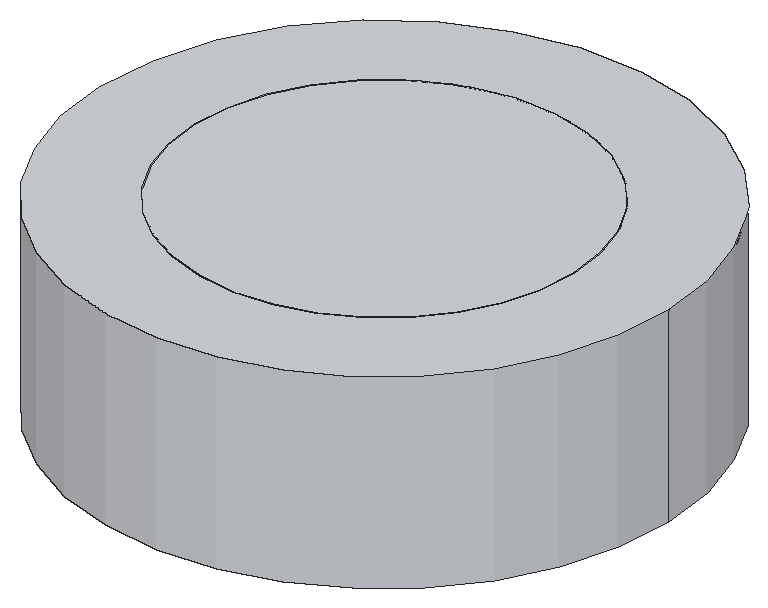
Revit family
Parameters
  Wattage = 5 W
  built-in parameter 1150110 = 1 (stored number, unit not read)
  built-in parameter 1114217 = 1 (stored number, unit not read)
  built-in parameter 1150109 = 1 (stored number, unit not read)
  built-in parameter 1150134 = (empty or 0)
  built-in parameter 1150113 = 1 (stored number, unit not read)
  Mounting Height = 4' - 6"
  Material = none
  Lumens = 742.71 lm
  built-in parameter 1150115 = 1 (stored number, unit not read)
  built-in parameter 1150105 = 59.103 (stored number, unit not read)
  Light Source Symbol Size = 1' - 0"
  built-in parameter 1150137 = (empty or 0)
  built-in parameter 1150139 = (empty or 0)
  built-in parameter 1150112 = 1 (stored number, unit not read)
  built-in parameter 1150114 = 1 (stored number, unit not read)
  built-in parameter 1150132 = (empty or 0)
  built-in parameter 1150102 = (empty or 0)
  built-in parameter 1150138 = (empty or 0)
  built-in parameter 1150107 = 3000 (stored number, unit not read)
  built-in parameter 1150106 = 0.59103 (stored number, unit not read)
  built-in parameter 1150104 = 13.8 (stored number, unit not read)
  Dimming Lamp Color Temperature Shift = (empty or 0)
  Color Filter = 16777215
  built-in parameter 1114218 = 1 (stored number, unit not read)
  built-in parameter 1150133 = 10 (stored number, unit not read)
Reference planes (in)
  plane 1 "Light Source Axis (F/B)": y = 0
  plane 2: z = 0
  plane 3 "Light Source Axis (L/R)": x = 0
  plane 4 "Light Source Elevation": z = 53.5
  plane 5 "Mounting Height": z = 54
Forms (in)
  Extrusion 1, solid, material <- "Material"
    sketch origin (0, 0, 54) x (-1, 0, 0) y (0, -1, 0)
      loop
        circle (0, 0) r 1.5
      loop
        circle (0, 0) r 1
    from 0 to -1
  Extrusion 2, solid, material <- "Material"
    sketch origin (0, 0, 54) x (-1, 0, 0) y (0, -1, 0)
      loop
        circle (0, 0) r 1
    from 0 to -0.125
  Extrusion 3, solid, material "Glass"
    sketch origin (0, 0, 54) x (-1, 0, 0) y (0, -1, 0)
      loop
        circle (0, 0) r 1
    from -1 to -0.875
Lines and regions (in)
  symbolic lines, style "LightingFixturesHiddenLines"
    curve 1: circle (0, 0, 0) r 1.5 normal (0, 0, 1)
  model lines, style "InvisibleLines"
    curve 2: line (0, 0, 54) -> (0, 0, 0)
Dimensions and locks (in)
  "Mounting Height": plane 5 "Mounting Height" to level
  plane 5 "Mounting Height" to plane 4 "Light Source Elevation" = 0' - 0 1/2"
  aligned and locked: plane 3 "Light Source Axis (L/R)" to imposter light
  aligned and locked: plane 1 "Light Source Axis (F/B)" to imposter light
  aligned and locked: plane 4 "Light Source Elevation" to imposter light
Automatic sketch dimensions
  Extrusion 1 sketch curve to Extrusion 1 sketch curve = 0' - 0"  (x2)
  Extrusion 1 sketch curve to plane 1 "Light Source Axis (F/B)" = 0' - 0"
  Extrusion 1 sketch curve to plane 3 "Light Source Axis (L/R)" = 0' - 0"
  Extrusion 2 sketch curve to plane 1 "Light Source Axis (F/B)" = 0' - 0"
  Extrusion 2 sketch curve to plane 3 "Light Source Axis (L/R)" = 0' - 0"
  Extrusion 3 sketch curve to plane 1 "Light Source Axis (F/B)" = 0' - 0"
  Extrusion 3 sketch curve to plane 3 "Light Source Axis (L/R)" = 0' - 0"
  curve 1 to plane 1 "Light Source Axis (F/B)" = 0' - 0"
  curve 1 to plane 3 "Light Source Axis (L/R)" = 0' - 0"
  curve 2 to level = 0' - 0"
  curve 2 to plane 3 "Light Source Axis (L/R)" = 0' - 0"
  curve 2 to plane 5 "Mounting Height" = 0' - 0"
  radius of Extrusion 1 sketch curve = 0' - 1 1/2"
  radius of Extrusion 1 sketch curve = 0' - 1"
  radius of Extrusion 2 sketch curve = 0' - 1"
  radius of Extrusion 3 sketch curve = 0' - 1"
  radius of curve 1 = 0' - 1 1/2"
